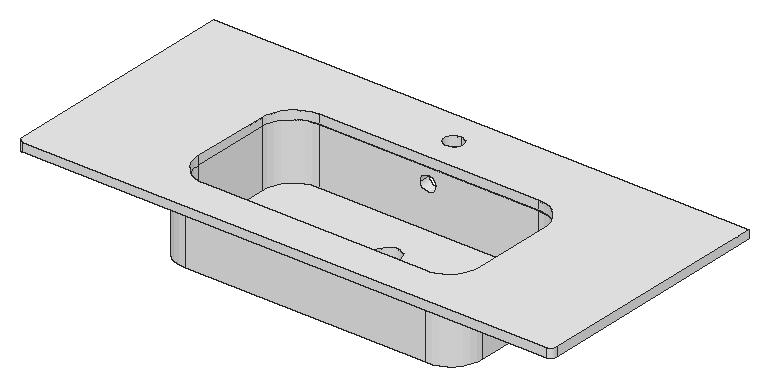
Revit family "OnSoft", category Furniture, Revit 2019
Family settings
  OmniClass Number = 23.40.20.00
  OmniClass Title = General Furniture and Specialties
  Work Plane-Based = No
  Always vertical = Yes
  Cut with Voids When Loaded = No
  Shared = No
  Room Calculation Point = No
Parameters (values of type "OnSoft1000")
  Width ho = 535 mm
  Width = 1010 mm
  URL = "www.hafa.se"
  Surface finish = Porcelain
  Model = "OnSoft"
  GTIN = "7330027106960"
  Depth = 465 mm
  Art.No = "1273162"
Types (4, lengths in mm): name | Width ho | Width | GTIN | Art.No
  OnSoft600 | 455 | 610 | "7330027106946" | "1273160"
  OnSoft800 | 503 | 810 | "7330027106953" | "1273161"
  OnSoft900 | 530 | 910 | "7330027106960" | "1273162"
  OnSoft1000 | 535 | 1010 | "7330027106960" | "1273162"
Reference planes
  plane 1 "Center (Front/Back)": y = 0
  plane 2: z = 0
  plane 3 "Center (Left/Right)": x = 0
  plane 4 "Centreline": x = 0
  plane 5 "Tap hole": y = 167.5
  plane 6 "Waste outlet": y = 12.5
Forms (mm)
  Extrusion 1, solid, material "Porcelain" <- "Surface finish"
    sketch origin (0, 0, 0) x (1, 0, 0) y (0, 1, 0)
      loop
        line (-505, 232.5) -> (-505, -222.5)
        arc (-505, -222.5) -> (-502.071, -229.571) -> (-495, -232.5) r 10
        line (-495, -232.5) -> (495.202, -232.5)
        arc (495.202, -232.5) -> (502.948, -228.825) -> (505, -220.5) r 10
        line (505, -220.5) -> (505, 232.5) -> (-505, 232.5)
    from 0 to 16
  Extrusion 2, solid, material "Porcelain" <- "Surface finish"
    sketch origin (0, 0, 0) x (1, 0, 0) y (0, 1, 0)
      loop
        arc (-227.5, 127.5) -> (-269.926, 109.926) -> (-287.5, 67.5) r 60
        line (-287.5, 67.5) -> (-287.5, -122.5)
        arc (-287.5, -122.5) -> (-269.926, -164.926) -> (-227.5, -182.5) r 60
        line (-227.5, -182.5) -> (227.5, -182.5)
        arc (227.5, -182.5) -> (269.926, -164.926) -> (287.5, -122.5) r 60
        line (287.5, -122.5) -> (287.5, 67.5)
        arc (287.5, 67.5) -> (269.926, 109.926) -> (227.5, 127.5) r 60
        line (227.5, 127.5) -> (-227.5, 127.5)
    from 0 to -124
  Extrusion 3, void
    sketch origin (0, 0, 16) x (0, 1, 0) y (1, 0, 0)
      loop
        line (107.5, -207.5) -> (107.5, 207.5)
        arc (107.5, 207.5) -> (89.926, 249.926) -> (47.5, 267.5) r 60
        line (47.5, 267.5) -> (-102.5, 267.5)
        arc (-102.5, 267.5) -> (-144.926, 249.926) -> (-162.5, 207.5) r 60
        line (-162.5, 207.5) -> (-162.5, -207.5)
        arc (-162.5, -207.5) -> (-144.926, -249.926) -> (-102.5, -267.5) r 60
        line (-102.5, -267.5) -> (47.5, -267.5)
        arc (47.5, -267.5) -> (89.926, -249.926) -> (107.5, -207.5) r 60
    from 0 to 124
  Extrusion 4, void
    sketch origin (0, 0, 16) x (0, 1, 0) y (1, 0, 0)
      loop
        circle (167.5, 0) r 17.5
    from 0 to 25
  Extrusion 5, void
    sketch origin (0, 0, 0) x (1, 0, 0) y (0, 1, 0)
      loop
        circle (0, 12.5) r 23
    from 0 to -124
  Extrusion 6, void
    sketch origin (-207.5, 107.5, 16) x (-1, 0, 0) y (0, 0, 1)
      loop
        circle (-207.5, -45) r 15
    from 0 to 25
Cuts and joins
  Extrusion 3, Extrusion 4 cuts Extrusion 1
  Extrusion 3, Extrusion 5, Extrusion 6 cuts Extrusion 2
Lines and regions (mm)
  reference lines
    curve 1: line (-505, 232.5, 0) -> (505, 232.5, 0)
    curve 2: line (-505, -232.5, 0) -> (-505, 232.5, 0)
    curve 3: line (505, -232.5, 0) -> (-505, -232.5, 0)
    curve 4: line (505, 232.5, 0) -> (505, -232.5, 0)
    curve 5: line (-267.5, 107.5, 0) -> (267.5, 107.5, 0)
    curve 6: line (-267.5, -162.5, 0) -> (-267.5, 107.5, 0)
    curve 7: line (267.5, -162.5, 0) -> (-267.5, -162.5, 0)
    curve 8: line (267.5, 107.5, 0) -> (267.5, -162.5, 0)
    curve 9: line (287.882, 0, -29) -> (-292.118, 0, -29)
Dimensions and locks
  "Depth": curve 3 to curve 1
  "Width": curve 2 to curve 4
  equal spacing: curve 2, plane 3 "Center (Left/Right)", curve 4
  equal spacing: curve 3, plane 1 "Center (Front/Back)", curve 1, locked at 232.5 each
  locked: Extrusion 1 to curve 5 at 125
  locked: curve 7 to curve 5 at 270
  "Width ho": curve 6 to curve 8
  equal spacing: curve 6, plane 3 "Center (Left/Right)", curve 8
  locked: curve 5 to Extrusion 2 sketch curve at 20
  locked: curve 7 to Extrusion 2 sketch curve at 20
  locked: curve 8 to Extrusion 2 sketch curve at 20
  locked: Extrusion 2 sketch curve to curve 6 at 20
  locked: plane 4 "Centreline" to Extrusion 4 sketch curve at 0
  locked: plane 4 "Centreline" to Extrusion 5 sketch curve
  locked: curve 9 to cut or joined group of Extrusion 1, Extrusion 3, Extrusion 4 at 45
  locked: Extrusion 6 sketch curve to plane 4 "Centreline"
  radius of Extrusion 4 sketch curve = 17.5 mm
  radius of Extrusion 5 sketch curve = 23 mm
  aligned and locked: level to plane 2
  aligned and locked: Extrusion 1 sketch curve to curve 1
  aligned and locked: curve 2 to Extrusion 1 sketch curve
  aligned and locked: curve 3 to Extrusion 1 sketch curve
  aligned and locked: Extrusion 1 sketch curve to curve 4
  aligned and locked: curve 5 to Extrusion 3 sketch curve
  aligned and locked: curve 6 to Extrusion 3 sketch curve
  aligned and locked: curve 7 to Extrusion 3 sketch curve
  aligned and locked: curve 8 to Extrusion 3 sketch curve
  aligned and locked: plane 3 "Center (Left/Right)" to plane 4 "Centreline"
Automatic sketch dimensions
  Extrusion 1 sketch curve to Extrusion 1 sketch curve = 10 mm  (x2)
  Extrusion 1 sketch curve to Extrusion 1 sketch curve = 12 mm
  Extrusion 3 sketch curve to Extrusion 3 sketch curve = 60 mm  (x4)
  Extrusion 2 sketch curve to Extrusion 2 sketch curve = 60 mm  (x4)
  Extrusion 2 sketch curve to Extrusion 2 sketch curve = 0 mm
  plane 1 "Center (Front/Back)" to curve 8 = 162.5 mm
  Extrusion 4 sketch curve to Extrusion 1 = 65 mm
  Extrusion 5 sketch curve to plane 6 "Waste outlet" = 0 mm
  curve 9 to level = 29 mm
  curve 9 to plane 3 "Center (Left/Right)" = 292.118 mm
  plane 3 "Center (Left/Right)" to curve 9 = 287.882 mm
  Extrusion 3 to Extrusion 6 sketch curve = 45 mm
  radius of Extrusion 6 sketch curve = 15 mm
